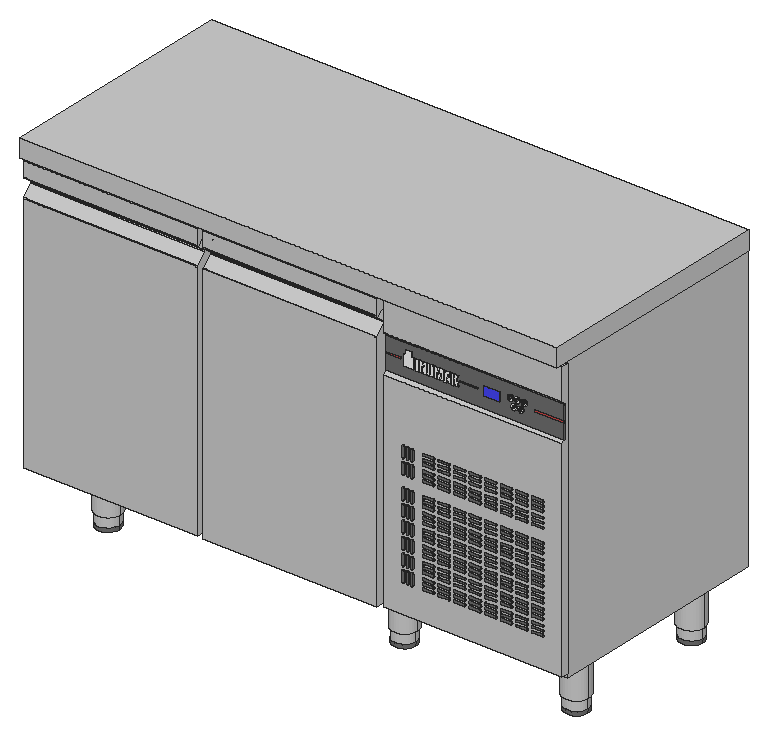
Revit family "QF_INOMAK_PMRP99_250528104133", category Specialty Equipment, Revit 2021 (continued)
Definition of nested family "QF_INOMAK_REF_COUNTERS_1345_2920"
  Definition of nested family "QF_INOMAK_CONRTOL-PANEL"
    Forms (mm)
      Extrusion 1, solid
        sketch origin (-2240, -700, 0) x (-1, 0, 0) y (0, 0, 1)
          loop
            line (-2152.4, 204.855) -> (-2128.4, 204.855)
            arc (-2128.4, 204.855) -> (-2125.4, 207.855) -> (-2128.4, 210.855) r 3
            line (-2128.4, 210.855) -> (-2152.4, 210.855)
          loop
            arc (-2113.4, 210.855) -> (-2116.4, 207.855) -> (-2113.4, 204.855) r 3
            line (-2113.4, 204.855) -> (-2089.4, 204.855)
            arc (-2089.4, 204.855) -> (-2086.4, 207.855) -> (-2089.4, 210.855) r 3
            line (-2089.4, 210.855) -> (-2113.4, 210.855)
          loop
            arc (-2074.4, 210.855) -> (-2077.4, 207.855) -> (-2074.4, 204.855) r 3
            line (-2074.4, 204.855) -> (-2050.4, 204.855)
            arc (-2050.4, 204.855) -> (-2047.4, 207.855) -> (-2050.4, 210.855) r 3
            line (-2050.4, 210.855) -> (-2074.4, 210.855)
          loop
            arc (-2035.4, 210.855) -> (-2038.4, 207.855) -> (-2035.4, 204.855) r 3
            line (-2035.4, 204.855) -> (-2011.4, 204.855)
            arc (-2011.4, 204.855) -> (-2008.4, 207.855) -> (-2011.4, 210.855) r 3
            line (-2011.4, 210.855) -> (-2035.4, 210.855)
          loop
            arc (-1996.4, 210.855) -> (-1999.4, 207.855) -> (-1996.4, 204.855) r 3
            line (-1996.4, 204.855) -> (-1972.4, 204.855)
            arc (-1972.4, 204.855) -> (-1969.4, 207.855) -> (-1972.4, 210.855) r 3
            line (-1972.4, 210.855) -> (-1996.4, 210.855)
          loop
            arc (-1957.4, 210.855) -> (-1960.4, 207.855) -> (-1957.4, 204.855) r 3
            line (-1957.4, 204.855) -> (-1933.4, 204.855)
            arc (-1933.4, 204.855) -> (-1930.4, 207.855) -> (-1933.4, 210.855) r 3
            line (-1933.4, 210.855) -> (-1957.4, 210.855)
          loop
            arc (-1918.4, 210.855) -> (-1921.4, 207.855) -> (-1918.4, 204.855) r 3
            line (-1918.4, 204.855) -> (-1894.4, 204.855)
            arc (-1894.4, 204.855) -> (-1891.4, 207.855) -> (-1894.4, 210.855) r 3
            line (-1894.4, 210.855) -> (-1918.4, 210.855)
          loop
            arc (-2191.4, 199.855) -> (-2194.4, 196.855) -> (-2191.4, 193.855) r 3
            line (-2191.4, 193.855) -> (-2167.4, 193.855)
            arc (-2167.4, 193.855) -> (-2164.4, 196.855) -> (-2167.4, 199.855) r 3
            line (-2167.4, 199.855) -> (-2191.4, 199.855)
          loop
            arc (-2152.4, 199.855) -> (-2155.4, 196.855) -> (-2152.4, 193.855) r 3
            line (-2152.4, 193.855) -> (-2128.4, 193.855)
            arc (-2128.4, 193.855) -> (-2125.4, 196.855) -> (-2128.4, 199.855) r 3
            line (-2128.4, 199.855) -> (-2152.4, 199.855)
          loop
            arc (-2113.4, 199.855) -> (-2116.4, 196.855) -> (-2113.4, 193.855) r 3
            line (-2113.4, 193.855) -> (-2089.4, 193.855)
            arc (-2089.4, 193.855) -> (-2086.4, 196.855) -> (-2089.4, 199.855) r 3
            line (-2089.4, 199.855) -> (-2113.4, 199.855)
          loop
            arc (-2074.4, 199.855) -> (-2077.4, 196.855) -> (-2074.4, 193.855) r 3
            line (-2074.4, 193.855) -> (-2050.4, 193.855)
            arc (-2050.4, 193.855) -> (-2047.4, 196.855) -> (-2050.4, 199.855) r 3
            line (-2050.4, 199.855) -> (-2074.4, 199.855)
          loop
            arc (-2035.4, 199.855) -> (-2038.4, 196.855) -> (-2035.4, 193.855) r 3
            line (-2035.4, 193.855) -> (-2011.4, 193.855)
            arc (-2011.4, 193.855) -> (-2008.4, 196.855) -> (-2011.4, 199.855) r 3
            line (-2011.4, 199.855) -> (-2035.4, 199.855)
          loop
            arc (-1996.4, 199.855) -> (-1999.4, 196.855) -> (-1996.4, 193.855) r 3
            line (-1996.4, 193.855) -> (-1972.4, 193.855)
            arc (-1972.4, 193.855) -> (-1969.4, 196.855) -> (-1972.4, 199.855) r 3
            line (-1972.4, 199.855) -> (-1996.4, 199.855)
          loop
            arc (-1957.4, 199.855) -> (-1960.4, 196.855) -> (-1957.4, 193.855) r 3
            line (-1957.4, 193.855) -> (-1933.4, 193.855)
            arc (-1933.4, 193.855) -> (-1930.4, 196.855) -> (-1933.4, 199.855) r 3
            line (-1933.4, 199.855) -> (-1957.4, 199.855)
          loop
            arc (-1918.4, 199.855) -> (-1921.4, 196.855) -> (-1918.4, 193.855) r 3
            line (-1918.4, 193.855) -> (-1894.4, 193.855)
            arc (-1894.4, 193.855) -> (-1891.4, 196.855) -> (-1894.4, 199.855) r 3
            line (-1894.4, 199.855) -> (-1918.4, 199.855)
          loop
            arc (-2191.4, 184.855) -> (-2194.4, 181.855) -> (-2191.4, 178.855) r 3
            line (-2191.4, 178.855) -> (-2167.4, 178.855)
            arc (-2167.4, 178.855) -> (-2164.4, 181.855) -> (-2167.4, 184.855) r 3
            line (-2167.4, 184.855) -> (-2191.4, 184.855)
          loop
            arc (-2152.4, 184.855) -> (-2155.4, 181.855) -> (-2152.4, 178.855) r 3
            line (-2152.4, 178.855) -> (-2128.4, 178.855)
            arc (-2128.4, 178.855) -> (-2125.4, 181.855) -> (-2128.4, 184.855) r 3
            line (-2128.4, 184.855) -> (-2152.4, 184.855)
          loop
            arc (-2113.4, 184.855) -> (-2116.4, 181.855) -> (-2113.4, 178.855) r 3
            line (-2113.4, 178.855) -> (-2089.4, 178.855)
            arc (-2089.4, 178.855) -> (-2086.4, 181.855) -> (-2089.4, 184.855) r 3
            line (-2089.4, 184.855) -> (-2113.4, 184.855)
          loop
            arc (-2074.4, 184.855) -> (-2077.4, 181.855) -> (-2074.4, 178.855) r 3
            line (-2074.4, 178.855) -> (-2050.4, 178.855)
            arc (-2050.4, 178.855) -> (-2047.4, 181.855) -> (-2050.4, 184.855) r 3
            line (-2050.4, 184.855) -> (-2074.4, 184.855)
          loop
            arc (-2035.4, 184.855) -> (-2038.4, 181.855) -> (-2035.4, 178.855) r 3
            line (-2035.4, 178.855) -> (-2011.4, 178.855)
            arc (-2011.4, 178.855) -> (-2008.4, 181.855) -> (-2011.4, 184.855) r 3
            line (-2011.4, 184.855) -> (-2035.4, 184.855)
          loop
            arc (-1996.4, 184.855) -> (-1999.4, 181.855) -> (-1996.4, 178.855) r 3
            line (-1996.4, 178.855) -> (-1972.4, 178.855)
            arc (-1972.4, 178.855) -> (-1969.4, 181.855) -> (-1972.4, 184.855) r 3
            line (-1972.4, 184.855) -> (-1996.4, 184.855)
          loop
            arc (-1957.4, 184.855) -> (-1960.4, 181.855) -> (-1957.4, 178.855) r 3
            line (-1957.4, 178.855) -> (-1933.4, 178.855)
            arc (-1933.4, 178.855) -> (-1930.4, 181.855) -> (-1933.4, 184.855) r 3
            line (-1933.4, 184.855) -> (-1957.4, 184.855)
          loop
            arc (-1918.4, 184.855) -> (-1921.4, 181.855) -> (-1918.4, 178.855) r 3
            line (-1918.4, 178.855) -> (-1894.4, 178.855)
            arc (-1894.4, 178.855) -> (-1891.4, 181.855) -> (-1894.4, 184.855) r 3
            line (-1894.4, 184.855) -> (-1918.4, 184.855)
          loop
            arc (-2191.4, 173.855) -> (-2194.4, 170.855) -> (-2191.4, 167.855) r 3
            line (-2191.4, 167.855) -> (-2167.4, 167.855)
            arc (-2167.4, 167.855) -> (-2164.4, 170.855) -> (-2167.4, 173.855) r 3
            line (-2167.4, 173.855) -> (-2191.4, 173.855)
          loop
            arc (-2152.4, 173.855) -> (-2155.4, 170.855) -> (-2152.4, 167.855) r 3
            line (-2152.4, 167.855) -> (-2128.4, 167.855)
            arc (-2128.4, 167.855) -> (-2125.4, 170.855) -> (-2128.4, 173.855) r 3
            line (-2128.4, 173.855) -> (-2152.4, 173.855)
          loop
            arc (-2113.4, 173.855) -> (-2116.4, 170.855) -> (-2113.4, 167.855) r 3
            line (-2113.4, 167.855) -> (-2089.4, 167.855)
            arc (-2089.4, 167.855) -> (-2086.4, 170.855) -> (-2089.4, 173.855) r 3
            line (-2089.4, 173.855) -> (-2113.4, 173.855)
          loop
            arc (-2074.4, 173.855) -> (-2077.4, 170.855) -> (-2074.4, 167.855) r 3
            line (-2074.4, 167.855) -> (-2050.4, 167.855)
            arc (-2050.4, 167.855) -> (-2047.4, 170.855) -> (-2050.4, 173.855) r 3
            line (-2050.4, 173.855) -> (-2074.4, 173.855)
          loop
            arc (-2035.4, 173.855) -> (-2038.4, 170.855) -> (-2035.4, 167.855) r 3
            line (-2035.4, 167.855) -> (-2011.4, 167.855)
            arc (-2011.4, 167.855) -> (-2008.4, 170.855) -> (-2011.4, 173.855) r 3
            line (-2011.4, 173.855) -> (-2035.4, 173.855)
          loop
            arc (-1996.4, 173.855) -> (-1999.4, 170.855) -> (-1996.4, 167.855) r 3
            line (-1996.4, 167.855) -> (-1972.4, 167.855)
            arc (-1972.4, 167.855) -> (-1969.4, 170.855) -> (-1972.4, 173.855) r 3
            line (-1972.4, 173.855) -> (-1996.4, 173.855)
          loop
            arc (-1957.4, 173.855) -> (-1960.4, 170.855) -> (-1957.4, 167.855) r 3
            line (-1957.4, 167.855) -> (-1933.4, 167.855)
            arc (-1933.4, 167.855) -> (-1930.4, 170.855) -> (-1933.4, 173.855) r 3
            line (-1933.4, 173.855) -> (-1957.4, 173.855)
          loop
            arc (-1918.4, 173.855) -> (-1921.4, 170.855) -> (-1918.4, 167.855) r 3
            line (-1918.4, 167.855) -> (-1894.4, 167.855)
            arc (-1894.4, 167.855) -> (-1891.4, 170.855) -> (-1894.4, 173.855) r 3
            line (-1894.4, 173.855) -> (-1918.4, 173.855)
          loop
            arc (-2191.4, 162.855) -> (-2194.4, 159.855) -> (-2191.4, 156.855) r 3
            line (-2191.4, 156.855) -> (-2167.4, 156.855)
            arc (-2167.4, 156.855) -> (-2164.4, 159.855) -> (-2167.4, 162.855) r 3
            line (-2167.4, 162.855) -> (-2191.4, 162.855)
          loop
            arc (-2152.4, 162.855) -> (-2155.4, 159.855) -> (-2152.4, 156.855) r 3
            line (-2152.4, 156.855) -> (-2128.4, 156.855)
            arc (-2128.4, 156.855) -> (-2125.4, 159.855) -> (-2128.4, 162.855) r 3
            line (-2128.4, 162.855) -> (-2152.4, 162.855)
          loop
            arc (-2113.4, 162.855) -> (-2116.4, 159.855) -> (-2113.4, 156.855) r 3
            line (-2113.4, 156.855) -> (-2089.4, 156.855)
            arc (-2089.4, 156.855) -> (-2086.4, 159.855) -> (-2089.4, 162.855) r 3
            line (-2089.4, 162.855) -> (-2113.4, 162.855)
          loop
            arc (-2074.4, 162.855) -> (-2077.4, 159.855) -> (-2074.4, 156.855) r 3
            line (-2074.4, 156.855) -> (-2050.4, 156.855)
            arc (-2050.4, 156.855) -> (-2047.4, 159.855) -> (-2050.4, 162.855) r 3
            line (-2050.4, 162.855) -> (-2074.4, 162.855)
          loop
            arc (-2035.4, 162.855) -> (-2038.4, 159.855) -> (-2035.4, 156.855) r 3
            line (-2035.4, 156.855) -> (-2011.4, 156.855)
            arc (-2011.4, 156.855) -> (-2008.4, 159.855) -> (-2011.4, 162.855) r 3
            line (-2011.4, 162.855) -> (-2035.4, 162.855)
          loop
            arc (-1996.4, 162.855) -> (-1999.4, 159.855) -> (-1996.4, 156.855) r 3
            line (-1996.4, 156.855) -> (-1972.4, 156.855)
            arc (-1972.4, 156.855) -> (-1969.4, 159.855) -> (-1972.4, 162.855) r 3
            line (-1972.4, 162.855) -> (-1996.4, 162.855)
          loop
            arc (-1957.4, 162.855) -> (-1960.4, 159.855) -> (-1957.4, 156.855) r 3
            line (-1957.4, 156.855) -> (-1933.4, 156.855)
            arc (-1933.4, 156.855) -> (-1930.4, 159.855) -> (-1933.4, 162.855) r 3
            line (-1933.4, 162.855) -> (-1957.4, 162.855)
          loop
            arc (-1918.4, 162.855) -> (-1921.4, 159.855) -> (-1918.4, 156.855) r 3
            line (-1918.4, 156.855) -> (-1894.4, 156.855)
            arc (-1894.4, 156.855) -> (-1891.4, 159.855) -> (-1894.4, 162.855) r 3
            line (-1894.4, 162.855) -> (-1918.4, 162.855)
          loop
            arc (-2191.4, 147.855) -> (-2194.4, 144.855) -> (-2191.4, 141.855) r 3
            line (-2191.4, 141.855) -> (-2167.4, 141.855)
            arc (-2167.4, 141.855) -> (-2164.4, 144.855) -> (-2167.4, 147.855) r 3
            line (-2167.4, 147.855) -> (-2191.4, 147.855)
          loop
            arc (-2152.4, 147.855) -> (-2155.4, 144.855) -> (-2152.4, 141.855) r 3
            line (-2152.4, 141.855) -> (-2128.4, 141.855)
            arc (-2128.4, 141.855) -> (-2125.4, 144.855) -> (-2128.4, 147.855) r 3
            line (-2128.4, 147.855) -> (-2152.4, 147.855)
          loop
            arc (-2113.4, 147.855) -> (-2116.4, 144.855) -> (-2113.4, 141.855) r 3
            line (-2113.4, 141.855) -> (-2089.4, 141.855)
            arc (-2089.4, 141.855) -> (-2086.4, 144.855) -> (-2089.4, 147.855) r 3
            line (-2089.4, 147.855) -> (-2113.4, 147.855)
          loop
            arc (-2074.4, 147.855) -> (-2077.4, 144.855) -> (-2074.4, 141.855) r 3
            line (-2074.4, 141.855) -> (-2050.4, 141.855)
            arc (-2050.4, 141.855) -> (-2047.4, 144.855) -> (-2050.4, 147.855) r 3
            line (-2050.4, 147.855) -> (-2074.4, 147.855)
          loop
            arc (-2035.4, 147.855) -> (-2038.4, 144.855) -> (-2035.4, 141.855) r 3
            line (-2035.4, 141.855) -> (-2011.4, 141.855)
            arc (-2011.4, 141.855) -> (-2008.4, 144.855) -> (-2011.4, 147.855) r 3
            line (-2011.4, 147.855) -> (-2035.4, 147.855)
          loop
            arc (-1996.4, 147.855) -> (-1999.4, 144.855) -> (-1996.4, 141.855) r 3
            line (-1996.4, 141.855) -> (-1972.4, 141.855)
            arc (-1972.4, 141.855) -> (-1969.4, 144.855) -> (-1972.4, 147.855) r 3
            line (-1972.4, 147.855) -> (-1996.4, 147.855)
          loop
            arc (-1957.4, 147.855) -> (-1960.4, 144.855) -> (-1957.4, 141.855) r 3
            line (-1957.4, 141.855) -> (-1933.4, 141.855)
            arc (-1933.4, 141.855) -> (-1930.4, 144.855) -> (-1933.4, 147.855) r 3
            line (-1933.4, 147.855) -> (-1957.4, 147.855)
          loop
            arc (-1918.4, 147.855) -> (-1921.4, 144.855) -> (-1918.4, 141.855) r 3
            line (-1918.4, 141.855) -> (-1894.4, 141.855)
            arc (-1894.4, 141.855) -> (-1891.4, 144.855) -> (-1894.4, 147.855) r 3
            line (-1894.4, 147.855) -> (-1918.4, 147.855)
          loop
            arc (-2191.4, 136.855) -> (-2194.4, 133.855) -> (-2191.4, 130.855) r 3
            line (-2191.4, 130.855) -> (-2167.4, 130.855)
            arc (-2167.4, 130.855) -> (-2164.4, 133.855) -> (-2167.4, 136.855) r 3
            line (-2167.4, 136.855) -> (-2191.4, 136.855)
          loop
            arc (-2152.4, 136.855) -> (-2155.4, 133.855) -> (-2152.4, 130.855) r 3
            line (-2152.4, 130.855) -> (-2128.4, 130.855)
            arc (-2128.4, 130.855) -> (-2125.4, 133.855) -> (-2128.4, 136.855) r 3
            line (-2128.4, 136.855) -> (-2152.4, 136.855)
          loop
            arc (-2113.4, 136.855) -> (-2116.4, 133.855) -> (-2113.4, 130.855) r 3
            line (-2113.4, 130.855) -> (-2089.4, 130.855)
            arc (-2089.4, 130.855) -> (-2086.4, 133.855) -> (-2089.4, 136.855) r 3
            line (-2089.4, 136.855) -> (-2113.4, 136.855)
          loop
            arc (-2074.4, 136.855) -> (-2077.4, 133.855) -> (-2074.4, 130.855) r 3
            line (-2074.4, 130.855) -> (-2050.4, 130.855)
            arc (-2050.4, 130.855) -> (-2047.4, 133.855) -> (-2050.4, 136.855) r 3
            line (-2050.4, 136.855) -> (-2074.4, 136.855)
          loop
            arc (-2035.4, 136.855) -> (-2038.4, 133.855) -> (-2035.4, 130.855) r 3
            line (-2035.4, 130.855) -> (-2011.4, 130.855)
            arc (-2011.4, 130.855) -> (-2008.4, 133.855) -> (-2011.4, 136.855) r 3
            line (-2011.4, 136.855) -> (-2035.4, 136.855)
          loop
            arc (-1996.4, 136.855) -> (-1999.4, 133.855) -> (-1996.4, 130.855) r 3
            line (-1996.4, 130.855) -> (-1972.4, 130.855)
            arc (-1972.4, 130.855) -> (-1969.4, 133.855) -> (-1972.4, 136.855) r 3
            line (-1972.4, 136.855) -> (-1996.4, 136.855)
          loop
            arc (-1957.4, 136.855) -> (-1960.4, 133.855) -> (-1957.4, 130.855) r 3
            line (-1957.4, 130.855) -> (-1933.4, 130.855)
            arc (-1933.4, 130.855) -> (-1930.4, 133.855) -> (-1933.4, 136.855) r 3
            line (-1933.4, 136.855) -> (-1957.4, 136.855)
          loop
            arc (-1918.4, 136.855) -> (-1921.4, 133.855) -> (-1918.4, 130.855) r 3
            line (-1918.4, 130.855) -> (-1894.4, 130.855)
            arc (-1894.4, 130.855) -> (-1891.4, 133.855) -> (-1894.4, 136.855) r 3
            line (-1894.4, 136.855) -> (-1918.4, 136.855)
          loop
            arc (-2191.4, 125.855) -> (-2194.4, 122.855) -> (-2191.4, 119.855) r 3
            line (-2191.4, 119.855) -> (-2167.4, 119.855)
            arc (-2167.4, 119.855) -> (-2164.4, 122.855) -> (-2167.4, 125.855) r 3
            line (-2167.4, 125.855) -> (-2191.4, 125.855)
          loop
            arc (-2152.4, 125.855) -> (-2155.4, 122.855) -> (-2152.4, 119.855) r 3
            line (-2152.4, 119.855) -> (-2128.4, 119.855)
            arc (-2128.4, 119.855) -> (-2125.4, 122.855) -> (-2128.4, 125.855) r 3
            line (-2128.4, 125.855) -> (-2152.4, 125.855)
          loop
            arc (-2113.4, 125.855) -> (-2116.4, 122.855) -> (-2113.4, 119.855) r 3
            line (-2113.4, 119.855) -> (-2089.4, 119.855)
            arc (-2089.4, 119.855) -> (-2086.4, 122.855) -> (-2089.4, 125.855) r 3
            line (-2089.4, 125.855) -> (-2113.4, 125.855)
          loop
            arc (-2074.4, 125.855) -> (-2077.4, 122.855) -> (-2074.4, 119.855) r 3
            line (-2074.4, 119.855) -> (-2050.4, 119.855)
            arc (-2050.4, 119.855) -> (-2047.4, 122.855) -> (-2050.4, 125.855) r 3
            line (-2050.4, 125.855) -> (-2074.4, 125.855)
          loop
            arc (-2035.4, 125.855) -> (-2038.4, 122.855) -> (-2035.4, 119.855) r 3
            line (-2035.4, 119.855) -> (-2011.4, 119.855)
            arc (-2011.4, 119.855) -> (-2008.4, 122.855) -> (-2011.4, 125.855) r 3
            line (-2011.4, 125.855) -> (-2035.4, 125.855)
          loop
            arc (-1996.4, 125.855) -> (-1999.4, 122.855) -> (-1996.4, 119.855) r 3
            line (-1996.4, 119.855) -> (-1972.4, 119.855)
            arc (-1972.4, 119.855) -> (-1969.4, 122.855) -> (-1972.4, 125.855) r 3
            line (-1972.4, 125.855) -> (-1996.4, 125.855)
          loop
            arc (-1957.4, 125.855) -> (-1960.4, 122.855) -> (-1957.4, 119.855) r 3
            line (-1957.4, 119.855) -> (-1933.4, 119.855)
            arc (-1933.4, 119.855) -> (-1930.4, 122.855) -> (-1933.4, 125.855) r 3
            line (-1933.4, 125.855) -> (-1957.4, 125.855)
          loop
            arc (-1918.4, 125.855) -> (-1921.4, 122.855) -> (-1918.4, 119.855) r 3
            line (-1918.4, 119.855) -> (-1894.4, 119.855)
            arc (-1894.4, 119.855) -> (-1891.4, 122.855) -> (-1894.4, 125.855) r 3
            line (-1894.4, 125.855) -> (-1918.4, 125.855)
          loop
            arc (-2191.4, 110.855) -> (-2194.4, 107.855) -> (-2191.4, 104.855) r 3
            line (-2191.4, 104.855) -> (-2167.4, 104.855)
            arc (-2167.4, 104.855) -> (-2164.4, 107.855) -> (-2167.4, 110.855) r 3
            line (-2167.4, 110.855) -> (-2191.4, 110.855)
          loop
            arc (-2152.4, 110.855) -> (-2155.4, 107.855) -> (-2152.4, 104.855) r 3
            line (-2152.4, 104.855) -> (-2128.4, 104.855)
            arc (-2128.4, 104.855) -> (-2125.4, 107.855) -> (-2128.4, 110.855) r 3
            line (-2128.4, 110.855) -> (-2152.4, 110.855)
          loop
            arc (-2113.4, 110.855) -> (-2116.4, 107.855) -> (-2113.4, 104.855) r 3
            line (-2113.4, 104.855) -> (-2089.4, 104.855)
            arc (-2089.4, 104.855) -> (-2086.4, 107.855) -> (-2089.4, 110.855) r 3
            line (-2089.4, 110.855) -> (-2113.4, 110.855)
          loop
            arc (-2074.4, 110.855) -> (-2077.4, 107.855) -> (-2074.4, 104.855) r 3
            line (-2074.4, 104.855) -> (-2050.4, 104.855)
            arc (-2050.4, 104.855) -> (-2047.4, 107.855) -> (-2050.4, 110.855) r 3
            line (-2050.4, 110.855) -> (-2074.4, 110.855)
          loop
            arc (-2035.4, 110.855) -> (-2038.4, 107.855) -> (-2035.4, 104.855) r 3
            line (-2035.4, 104.855) -> (-2011.4, 104.855)
            arc (-2011.4, 104.855) -> (-2008.4, 107.855) -> (-2011.4, 110.855) r 3
            line (-2011.4, 110.855) -> (-2035.4, 110.855)
          loop
            arc (-1996.4, 110.855) -> (-1999.4, 107.855) -> (-1996.4, 104.855) r 3
            line (-1996.4, 104.855) -> (-1972.4, 104.855)
            arc (-1972.4, 104.855) -> (-1969.4, 107.855) -> (-1972.4, 110.855) r 3
            line (-1972.4, 110.855) -> (-1996.4, 110.855)
          loop
            arc (-1957.4, 110.855) -> (-1960.4, 107.855) -> (-1957.4, 104.855) r 3
            line (-1957.4, 104.855) -> (-1933.4, 104.855)
            arc (-1933.4, 104.855) -> (-1930.4, 107.855) -> (-1933.4, 110.855) r 3
            line (-1933.4, 110.855) -> (-1957.4, 110.855)
          loop
            arc (-1918.4, 110.855) -> (-1921.4, 107.855) -> (-1918.4, 104.855) r 3
            line (-1918.4, 104.855) -> (-1894.4, 104.855)
            arc (-1894.4, 104.855) -> (-1891.4, 107.855) -> (-1894.4, 110.855) r 3
            line (-1894.4, 110.855) -> (-1918.4, 110.855)
          loop
            arc (-2191.4, 99.855) -> (-2194.4, 96.855) -> (-2191.4, 93.855) r 3
            line (-2191.4, 93.855) -> (-2167.4, 93.855)
            arc (-2167.4, 93.855) -> (-2164.4, 96.855) -> (-2167.4, 99.855) r 3
            line (-2167.4, 99.855) -> (-2191.4, 99.855)
          loop
            arc (-2152.4, 99.855) -> (-2155.4, 96.855) -> (-2152.4, 93.855) r 3
            line (-2152.4, 93.855) -> (-2128.4, 93.855)
            arc (-2128.4, 93.855) -> (-2125.4, 96.855) -> (-2128.4, 99.855) r 3
            line (-2128.4, 99.855) -> (-2152.4, 99.855)
          loop
            arc (-2113.4, 99.855) -> (-2116.4, 96.855) -> (-2113.4, 93.855) r 3
            line (-2113.4, 93.855) -> (-2089.4, 93.855)
            arc (-2089.4, 93.855) -> (-2086.4, 96.855) -> (-2089.4, 99.855) r 3
            line (-2089.4, 99.855) -> (-2113.4, 99.855)
          loop
            arc (-2074.4, 99.855) -> (-2077.4, 96.855) -> (-2074.4, 93.855) r 3
            line (-2074.4, 93.855) -> (-2050.4, 93.855)
            arc (-2050.4, 93.855) -> (-2047.4, 96.855) -> (-2050.4, 99.855) r 3
            line (-2050.4, 99.855) -> (-2074.4, 99.855)
          loop
            arc (-2035.4, 99.855) -> (-2038.4, 96.855) -> (-2035.4, 93.855) r 3
            line (-2035.4, 93.855) -> (-2011.4, 93.855)
            arc (-2011.4, 93.855) -> (-2008.4, 96.855) -> (-2011.4, 99.855) r 3
            line (-2011.4, 99.855) -> (-2035.4, 99.855)
          loop
            arc (-1996.4, 99.855) -> (-1999.4, 96.855) -> (-1996.4, 93.855) r 3
            line (-1996.4, 93.855) -> (-1972.4, 93.855)
            arc (-1972.4, 93.855) -> (-1969.4, 96.855) -> (-1972.4, 99.855) r 3
            line (-1972.4, 99.855) -> (-1996.4, 99.855)
          loop
            arc (-1957.4, 99.855) -> (-1960.4, 96.855) -> (-1957.4, 93.855) r 3
            line (-1957.4, 93.855) -> (-1933.4, 93.855)
            arc (-1933.4, 93.855) -> (-1930.4, 96.855) -> (-1933.4, 99.855) r 3
            line (-1933.4, 99.855) -> (-1957.4, 99.855)
          loop
            arc (-1918.4, 99.855) -> (-1921.4, 96.855) -> (-1918.4, 93.855) r 3
            line (-1918.4, 93.855) -> (-1894.4, 93.855)
            arc (-1894.4, 93.855) -> (-1891.4, 96.855) -> (-1894.4, 99.855) r 3
            line (-1894.4, 99.855) -> (-1918.4, 99.855)
          loop
            arc (-2191.4, 88.855) -> (-2194.4, 85.855) -> (-2191.4, 82.855) r 3
            line (-2191.4, 82.855) -> (-2167.4, 82.855)
            arc (-2167.4, 82.855) -> (-2164.4, 85.855) -> (-2167.4, 88.855) r 3
            line (-2167.4, 88.855) -> (-2191.4, 88.855)
          loop
            arc (-2152.4, 88.855) -> (-2155.4, 85.855) -> (-2152.4, 82.855) r 3
            line (-2152.4, 82.855) -> (-2128.4, 82.855)
            arc (-2128.4, 82.855) -> (-2125.4, 85.855) -> (-2128.4, 88.855) r 3
            line (-2128.4, 88.855) -> (-2152.4, 88.855)
          loop
            arc (-2113.4, 88.855) -> (-2116.4, 85.855) -> (-2113.4, 82.855) r 3
            line (-2113.4, 82.855) -> (-2089.4, 82.855)
            arc (-2089.4, 82.855) -> (-2086.4, 85.855) -> (-2089.4, 88.855) r 3
            line (-2089.4, 88.855) -> (-2113.4, 88.855)
          loop
            arc (-2074.4, 88.855) -> (-2077.4, 85.855) -> (-2074.4, 82.855) r 3
            line (-2074.4, 82.855) -> (-2050.4, 82.855)
            arc (-2050.4, 82.855) -> (-2047.4, 85.855) -> (-2050.4, 88.855) r 3
            line (-2050.4, 88.855) -> (-2074.4, 88.855)
          loop
            arc (-2035.4, 88.855) -> (-2038.4, 85.855) -> (-2035.4, 82.855) r 3
            line (-2035.4, 82.855) -> (-2011.4, 82.855)
            arc (-2011.4, 82.855) -> (-2008.4, 85.855) -> (-2011.4, 88.855) r 3
            line (-2011.4, 88.855) -> (-2035.4, 88.855)
          loop
            arc (-1996.4, 88.855) -> (-1999.4, 85.855) -> (-1996.4, 82.855) r 3
            line (-1996.4, 82.855) -> (-1972.4, 82.855)
            arc (-1972.4, 82.855) -> (-1969.4, 85.855) -> (-1972.4, 88.855) r 3
            line (-1972.4, 88.855) -> (-1996.4, 88.855)
          loop
            arc (-1957.4, 88.855) -> (-1960.4, 85.855) -> (-1957.4, 82.855) r 3
            line (-1957.4, 82.855) -> (-1933.4, 82.855)
            arc (-1933.4, 82.855) -> (-1930.4, 85.855) -> (-1933.4, 88.855) r 3
            line (-1933.4, 88.855) -> (-1957.4, 88.855)
          loop
            arc (-1918.4, 88.855) -> (-1921.4, 85.855) -> (-1918.4, 82.855) r 3
            line (-1918.4, 82.855) -> (-1894.4, 82.855)
            arc (-1894.4, 82.855) -> (-1891.4, 85.855) -> (-1894.4, 88.855) r 3
            line (-1894.4, 88.855) -> (-1918.4, 88.855)
          loop
            arc (-1840.4, 387.855) -> (-1843.4, 390.855) -> (-1846.4, 387.855) r 3
            line (-1846.4, 387.855) -> (-1846.4, 363.855)
            arc (-1846.4, 363.855) -> (-1843.4, 360.855) -> (-1840.4, 363.855) r 3
            line (-1840.4, 363.855) -> (-1840.4, 387.855)
          loop
            arc (-1851.4, 387.855) -> (-1854.4, 390.855) -> (-1857.4, 387.855) r 3
            line (-1857.4, 387.855) -> (-1857.4, 363.855)
            arc (-1857.4, 363.855) -> (-1854.4, 360.855) -> (-1851.4, 363.855) r 3
            line (-1851.4, 363.855) -> (-1851.4, 387.855)
          loop
            arc (-1862.4, 387.855) -> (-1865.4, 390.855) -> (-1868.4, 387.855) r 3
            line (-1868.4, 387.855) -> (-1868.4, 363.855)
            arc (-1868.4, 363.855) -> (-1865.4, 360.855) -> (-1862.4, 363.855) r 3
            line (-1862.4, 363.855) -> (-1862.4, 387.855)
          loop
            arc (-1840.4, 350.855) -> (-1843.4, 353.855) -> (-1846.4, 350.855) r 3
            line (-1846.4, 350.855) -> (-1846.4, 326.855)
            arc (-1846.4, 326.855) -> (-1843.4, 323.855) -> (-1840.4, 326.855) r 3
            line (-1840.4, 326.855) -> (-1840.4, 350.855)
          loop
            arc (-1851.4, 350.855) -> (-1854.4, 353.855) -> (-1857.4, 350.855) r 3
            line (-1857.4, 350.855) -> (-1857.4, 326.855)
            arc (-1857.4, 326.855) -> (-1854.4, 323.855) -> (-1851.4, 326.855) r 3
            line (-1851.4, 326.855) -> (-1851.4, 350.855)
          loop
            arc (-1862.4, 350.855) -> (-1865.4, 353.855) -> (-1868.4, 350.855) r 3
            line (-1868.4, 350.855) -> (-1868.4, 326.855)
            arc (-1868.4, 326.855) -> (-1865.4, 323.855) -> (-1862.4, 326.855) r 3
            line (-1862.4, 326.855) -> (-1862.4, 350.855)
          loop
            arc (-1840.4, 293.855) -> (-1843.4, 296.855) -> (-1846.4, 293.855) r 3
            line (-1846.4, 293.855) -> (-1846.4, 269.855)
            arc (-1846.4, 269.855) -> (-1843.4, 266.855) -> (-1840.4, 269.855) r 3
            line (-1840.4, 269.855) -> (-1840.4, 293.855)
          loop
            arc (-1851.4, 293.855) -> (-1854.4, 296.855) -> (-1857.4, 293.855) r 3
            line (-1857.4, 293.855) -> (-1857.4, 269.855)
            arc (-1857.4, 269.855) -> (-1854.4, 266.855) -> (-1851.4, 269.855) r 3
            line (-1851.4, 269.855) -> (-1851.4, 293.855)
          loop
            arc (-1862.4, 293.855) -> (-1865.4, 296.855) -> (-1868.4, 293.855) r 3
            line (-1868.4, 293.855) -> (-1868.4, 269.855)
            arc (-1868.4, 269.855) -> (-1865.4, 266.855) -> (-1862.4, 269.855) r 3
            line (-1862.4, 269.855) -> (-1862.4, 293.855)
          loop
            arc (-1840.4, 256.855) -> (-1843.4, 259.855) -> (-1846.4, 256.855) r 3
            line (-1846.4, 256.855) -> (-1846.4, 232.855)
            arc (-1846.4, 232.855) -> (-1843.4, 229.855) -> (-1840.4, 232.855) r 3
            line (-1840.4, 232.855) -> (-1840.4, 256.855)
          loop
            arc (-1851.4, 256.855) -> (-1854.4, 259.855) -> (-1857.4, 256.855) r 3
            line (-1857.4, 256.855) -> (-1857.4, 232.855)
            arc (-1857.4, 232.855) -> (-1854.4, 229.855) -> (-1851.4, 232.855) r 3
            line (-1851.4, 232.855) -> (-1851.4, 256.855)
          loop
            arc (-1862.4, 256.855) -> (-1865.4, 259.855) -> (-1868.4, 256.855) r 3
            line (-1868.4, 256.855) -> (-1868.4, 232.855)
            arc (-1868.4, 232.855) -> (-1865.4, 229.855) -> (-1862.4, 232.855) r 3
            line (-1862.4, 232.855) -> (-1862.4, 256.855)
          loop
            arc (-1840.4, 219.855) -> (-1843.4, 222.855) -> (-1846.4, 219.855) r 3
            line (-1846.4, 219.855) -> (-1846.4, 195.855)
            arc (-1846.4, 195.855) -> (-1843.4, 192.855) -> (-1840.4, 195.855) r 3
            line (-1840.4, 195.855) -> (-1840.4, 219.855)
          loop
            arc (-1851.4, 219.855) -> (-1854.4, 222.855) -> (-1857.4, 219.855) r 3
            line (-1857.4, 219.855) -> (-1857.4, 195.855)
            arc (-1857.4, 195.855) -> (-1854.4, 192.855) -> (-1851.4, 195.855) r 3
            line (-1851.4, 195.855) -> (-1851.4, 219.855)
          loop
            arc (-1862.4, 219.855) -> (-1865.4, 222.855) -> (-1868.4, 219.855) r 3
            line (-1868.4, 219.855) -> (-1868.4, 195.855)
            arc (-1868.4, 195.855) -> (-1865.4, 192.855) -> (-1862.4, 195.855) r 3
            line (-1862.4, 195.855) -> (-1862.4, 219.855)
          loop
            arc (-1840.4, 182.855) -> (-1843.4, 185.855) -> (-1846.4, 182.855) r 3
            line (-1846.4, 182.855) -> (-1846.4, 158.855)
            arc (-1846.4, 158.855) -> (-1843.4, 155.855) -> (-1840.4, 158.855) r 3
            line (-1840.4, 158.855) -> (-1840.4, 182.855)
          loop
            arc (-1851.4, 182.855) -> (-1854.4, 185.855) -> (-1857.4, 182.855) r 3
            line (-1857.4, 182.855) -> (-1857.4, 158.855)
            arc (-1857.4, 158.855) -> (-1854.4, 155.855) -> (-1851.4, 158.855) r 3
            line (-1851.4, 158.855) -> (-1851.4, 182.855)
          loop
            arc (-1862.4, 182.855) -> (-1865.4, 185.855) -> (-1868.4, 182.855) r 3
            line (-1868.4, 182.855) -> (-1868.4, 158.855)
            arc (-1868.4, 158.855) -> (-1865.4, 155.855) -> (-1862.4, 158.855) r 3
            line (-1862.4, 158.855) -> (-1862.4, 182.855)
          loop
            arc (-1840.4, 145.855) -> (-1843.4, 148.855) -> (-1846.4, 145.855) r 3
            line (-1846.4, 145.855) -> (-1846.4, 121.855)
            arc (-1846.4, 121.855) -> (-1843.4, 118.855) -> (-1840.4, 121.855) r 3
            line (-1840.4, 121.855) -> (-1840.4, 145.855)
          loop
            arc (-1851.4, 145.855) -> (-1854.4, 148.855) -> (-1857.4, 145.855) r 3
            line (-1857.4, 145.855) -> (-1857.4, 121.855)
            arc (-1857.4, 121.855) -> (-1854.4, 118.855) -> (-1851.4, 121.855) r 3
            line (-1851.4, 121.855) -> (-1851.4, 145.855)
          loop
            arc (-1862.4, 145.855) -> (-1865.4, 148.855) -> (-1868.4, 145.855) r 3
            line (-1868.4, 145.855) -> (-1868.4, 121.855)
            arc (-1868.4, 121.855) -> (-1865.4, 118.855) -> (-1862.4, 121.855) r 3
            line (-1862.4, 121.855) -> (-1862.4, 145.855)
          loop
            arc (-1840.4, 108.855) -> (-1843.4, 111.855) -> (-1846.4, 108.855) r 3
            line (-1846.4, 108.855) -> (-1846.4, 84.855)
            arc (-1846.4, 84.855) -> (-1843.4, 81.855) -> (-1840.4, 84.855) r 3
            line (-1840.4, 84.855) -> (-1840.4, 108.855)
          loop
            arc (-1851.4, 108.855) -> (-1854.4, 111.855) -> (-1857.4, 108.855) r 3
            line (-1857.4, 108.855) -> (-1857.4, 84.855)
            arc (-1857.4, 84.855) -> (-1854.4, 81.855) -> (-1851.4, 84.855) r 3
            line (-1851.4, 84.855) -> (-1851.4, 108.855)
          loop
            arc (-1862.4, 108.855) -> (-1865.4, 111.855) -> (-1868.4, 108.855) r 3
            line (-1868.4, 108.855) -> (-1868.4, 84.855)
            arc (-1868.4, 84.855) -> (-1865.4, 81.855) -> (-1862.4, 84.855) r 3
            line (-1862.4, 84.855) -> (-1862.4, 108.855)
        from 16.5 to 19
    Dimensions and locks
      "Length": plane 3 "Left" to plane 4 "Right"
      "Depth": plane 5 "Front" to plane 1 "Back"
      "Front offset": plane 7 "Front offset" to plane 5 "Front"
      "Height": plane 6 "Top" to plane 2
      aligned and locked: level to plane 2
    Automatic sketch dimensions
      plane 4 "Right" to Extrusion 1 sketch curve = 48.6 mm  (x3)
      Extrusion 1 sketch curve to Extrusion 1 sketch curve = 0 mm  (x322)
      Extrusion 1 sketch curve to Extrusion 1 sketch curve = 24 mm  (x53)
      Extrusion 1 sketch curve to Extrusion 1 sketch curve = 15 mm  (x52)
      Extrusion 1 sketch curve to Extrusion 1 sketch curve = 26 mm  (x7)
      Extrusion 1 sketch curve to Extrusion 1 sketch curve = 3 mm  (x216)
      Extrusion 1 sketch curve to Extrusion 1 sketch curve = 5 mm  (x144)
      level to Extrusion 1 sketch curve = 82.855 mm  (x2)
      Extrusion 1 sketch curve to Extrusion 1 sketch curve = 2 mm
      Extrusion 1 sketch curve to Extrusion 1 sketch curve = 9 mm  (x48)
      Extrusion 1 sketch curve to Extrusion 1 sketch curve = 13 mm  (x9)
      Extrusion 1 sketch curve to Extrusion 1 sketch curve = 29 mm  (x6)
      Extrusion 1 sketch curve to Extrusion 1 sketch curve = 33 mm
Definition of nested family "QF_INOMAK_REF_COUNTERS_DOORS_DRAWERS_7216"
  Parameters (values of type "DR-LX-710")
    Weight [instance] = 0.00 kg
    Warranty Start Date [instance] = ""
    Warranty Duration [instance] = ""
    URL Cutsheet [instance] = ""
    URL = "www.inomak.com"
    Top inset [instance] = 10 mm
    Technical Documentation [instance] = ""
    Tag Number [instance] = ""
    Status [instance] = ""
    Specification by User [instance] = ""
    Specification by Manufacturer [instance] = ""
    Sound Level [instance] = ""
    Solid Fuel Type [instance] = ""
    Show Logo [instance] = yes
    Show Clearances [instance] = yes
    Service Life Duration [instance] = ""
    Serial Number [instance] = ""
    Seismic Rating [instance] = ""
    SMACNA No [instance] = ""
    Right panel thickness [instance] = 0 mm
    Revision Code [instance] = ""
    Revision [instance] = ""
    Rear inset [instance] = 0 mm
    Production Year [instance] = ""
    Point Load [instance] = 0
    Plinth height [instance] = 0 mm
    Other Equipment Approvals [instance] = ""
    NAFEM Spec ID Number [instance] = ""
    Model Warning [instance] = ""
    Model = "DR-LX-710"
    Masterspec [instance] = ""
    Manufacturer = "INOMAK"
    Length Actual [instance] = 435 mm
    Left panel thickness [instance] = 0 mm
    Item Number [instance] = ""
    Installed By [instance] = ""
    Installation Date [instance] = ""
    Identify Quantity as Lot [instance] = yes
    ID [instance] = ""
    Hygiene Approval [instance] = ""
    Height Actual [instance] = 710 mm
    Furnished By [instance] = ""
    Front inset [instance] = 10 mm
    Foodservice Equipment Identifier [instance] = yes
    Finish [instance] = none
    ETL Approved [instance] = yes
    Doors drawers type [instance] = 8
    Description = "LEFT HINGED DOOR"
    Depth Actual [instance] = 700 mm
    Default Elevation = 0 mm
    CSI MasterFormat [instance] = ""
    CE Approved [instance] = yes
    Bottom inset [instance] = 10 mm
    Barcode [instance] = ""
    Author [instance] = ""
    Asset Identifier [instance] = ""
    Assembly Code = "E1090320"
    Accessory [instance] = yes
  Types (9, lengths in mm): name | Model | Height Actual | Doors drawers type | Description
    DW-2-710 | "DW-2-710" | 710 | 4 | "2 X GN 1/2 DRAWERS"
    DR-LX-710 | "DR-LX-710" | 710 | 8 | "LEFT HINGED DOOR"
    DR-RX-710 | "DR-RX-710" | 710 | 9 | "RIGHT HINGED DOOR"
    DW-3-710 | "DW-3-710" | 710 | 6 | "3 X GN 1/3 DRAWERS"
    DW-B-710 | "DW-B-710" | 710 | 5 | "1 X GN 1/3 & 1 X GN 2/3 DRAWERS"
    DW-2-483 | "DW-2-483" | 483 | 4 | "2 X GN 1/3 DRAWERS"
    DR-LX-483 | "DR-LX-483" | 483 | 8 | "LEFT HINGED DOOR"
    DR-RX-483 | "DR-RX-483" | 483 | 9 | "RIGHT HINGED DOOR"
    DW-1-483 | "DW-1-483" | 483 | 10 | "1 X GN 2/3 DRAWER"
  Reference planes
    plane 1 "Front": y = 0
    plane 2: z = 0
    plane 3 "Left": x = 0
    plane 4 "Right": x = 435
    plane 5 "Back": y = 700
    plane 6 "Top": z = 710
    plane 7 "Bottom shelf": z = 0
    plane 8: z = 700
    plane 9: z = 10
    plane 10: x = 0
    plane 11: x = 435
    plane 12 "Center Top Bottom": z = 355
  Lines and regions (mm)
    reference lines
      curve 1: line (0, 0, 355) -> (0, 25, 355)
      curve 2: line (435, 0, 355) -> (435, 25, 355)
      curve 3: line (0, 700, 355) -> (435, 700, 355)
      curve 4: line (0, 0, 355) -> (435, 0, 355)
  Dimensions and locks
    "Length Actual": plane 3 "Left" to plane 4 "Right"
    "Depth Actual": plane 1 "Front" to plane 5 "Back"
    "Height Actual": plane 6 "Top" to plane 7 "Bottom shelf"
    "Plinth height": plane 7 "Bottom shelf" to plane 2
    "Top inset": plane 6 "Top" to plane 8
    "Bottom inset": plane 9 to plane 7 "Bottom shelf"
    "Left panel thickness": plane 3 "Left" to plane 10
    "Right panel thickness": plane 11 to plane 4 "Right"
    equal spacing: plane 6 "Top", plane 12 "Center Top Bottom", plane 7 "Bottom shelf"
    "Length Actual": curve 1 to plane 4 "Right"
    "Length Actual": plane 3 "Left" to curve 2
    "Depth Actual": plane 1 "Front" to curve 3
    "Depth Actual": plane 5 "Back" to curve 4
    aligned and locked: level to plane 2
    aligned and locked: plane 3 "Left" to nested 1
    aligned and locked: plane 3 "Left" to nested 2
    aligned and locked: plane 3 "Left" to nested 3
    aligned and locked: plane 3 "Left" to nested 4
    aligned and locked: plane 3 "Left" to nested 5
    aligned and locked: plane 3 "Left" to nested 6
    aligned and locked: plane 3 "Left" to nested 7
    aligned and locked: plane 3 "Left" to nested 8
    aligned and locked: plane 3 "Left" to nested 9
    aligned and locked: nested 4 to plane 1 "Front"
    aligned and locked: nested 6 to plane 1 "Front"
    aligned and locked: nested 8 to plane 1 "Front"
    aligned and locked: nested 5 to plane 1 "Front"
    aligned and locked: nested 3 to plane 1 "Front"
    aligned and locked: nested 7 to plane 1 "Front"
    aligned and locked: nested 2 to plane 1 "Front"
    aligned and locked: nested 1 to plane 1 "Front"
    aligned and locked: nested 9 to plane 1 "Front"
  Automatic sketch dimensions
    curve 3 to plane 4 "Right" = 0 mm
    curve 3 to plane 3 "Left" = 0 mm
    curve 2 to curve 2 = 25 mm
    curve 1 to curve 1 = 25 mm
  Nested families
    nested 1: "Right_Door" at (0, 700, 0), Depth Actual <- "Depth Actual", Height Actual <- "Height Actual", Length Actual <- "Length Actual", Front inset <- "Front inset", Rear inset <- "Rear inset", Left panel thickness <- "Left panel thickness", Right panel thickness <- "Right panel thickness", Doors drawers type <- "Doors drawers type", Plinth height <- "Plinth height", Top inset <- "Top inset", Bottom inset <- "Bottom inset", type "Right door"
      with Top inset 10 mm, Right panel thickness 0 mm, Right hand hinged door no, Rear inset 0 mm, Plinth height 0 mm, Length Actual 435 mm, Left panel thickness 0 mm, Height Actual 710 mm, Front inset 10 mm, Doors drawers type 8, Depth Actual 700 mm, Bottom inset 10 mm
    nested 2: "Left_Door" at (0, 700, 0), Depth Actual <- "Depth Actual", Height Actual <- "Height Actual", Length Actual <- "Length Actual", Front inset <- "Front inset", Rear inset <- "Rear inset", Left panel thickness <- "Left panel thickness", Right panel thickness <- "Right panel thickness", Doors drawers type <- "Doors drawers type", Plinth height <- "Plinth height", Top inset <- "Top inset", Bottom inset <- "Bottom inset", type "Left door"
      with Top inset 10 mm, Right panel thickness 0 mm, Rear inset 0 mm, Plinth height 0 mm, Length Actual 435 mm, Left panel thickness 0 mm, Left hand hinged door yes, Height Actual 710 mm, Front inset 10 mm, Doors drawers type 8, Depth Actual 700 mm, Bottom inset 10 mm
    nested 3: "3_Drawers_1-3" at (0, 700, 0), Depth Actual <- "Depth Actual", Height Actual <- "Height Actual", Length Actual <- "Length Actual", Front inset <- "Front inset", Rear inset <- "Rear inset", Left panel thickness <- "Left panel thickness", Right panel thickness <- "Right panel thickness", Doors drawers type <- "Doors drawers type", Plinth height <- "Plinth height", Top inset <- "Top inset", Bottom inset <- "Bottom inset", type "3 Drawers 1-3"
      with Top inset 10 mm, Right panel thickness 0 mm, Rear inset 0 mm, Plinth height 0 mm, Length Actual 435 mm, Left panel thickness 0 mm, Height Actual 710 mm, Front inset 10 mm, Doors drawers type 8, Depth Actual 700 mm, Bottom inset 10 mm, 3 Drawers no
    nested 4: "2_Drawers_1-2" at (0, 700, 0), Depth Actual <- "Depth Actual", Height Actual <- "Height Actual", Length Actual <- "Length Actual", Front inset <- "Front inset", Rear inset <- "Rear inset", Left panel thickness <- "Left panel thickness", Right panel thickness <- "Right panel thickness", Doors drawers type <- "Doors drawers type", Plinth height <- "Plinth height", Top inset <- "Top inset", Bottom inset <- "Bottom inset", type "2 Drawers 1-2"
      with Top inset 10 mm, Right panel thickness 0 mm, Rear inset 0 mm, Plinth height 0 mm, Length Actual 435 mm, Left panel thickness 0 mm, Height Actual 710 mm, Front inset 10 mm, Doors drawers type 8, Depth Actual 700 mm, Bottom inset 10 mm, 2 Drawers no
    nested 5: "2_Drawers_1-3_2-3" at (0, 700, 0), Depth Actual <- "Depth Actual", Height Actual <- "Height Actual", Length Actual <- "Length Actual", Front inset <- "Front inset", Rear inset <- "Rear inset", Left panel thickness <- "Left panel thickness", Right panel thickness <- "Right panel thickness", Doors drawers type <- "Doors drawers type", Plinth height <- "Plinth height", Top inset <- "Top inset", Bottom inset <- "Bottom inset", type "2 Drawers 1-3 and 2-3"
      with Top inset 10 mm, Right panel thickness 0 mm, Rear inset 0 mm, Plinth height 0 mm, Length Actual 435 mm, Left panel thickness 0 mm, Height Actual 710 mm, Front inset 10 mm, Doors drawers type 8, Depth Actual 700 mm, Bottom inset 10 mm, 2 Drawers 1-3 and 2-3 no
    nested 6: "Sliding_Doors" at (0, 700, 0), Depth Actual <- "Depth Actual", Height Actual <- "Height Actual", Length Actual <- "Length Actual", Front inset <- "Front inset", Rear inset <- "Rear inset", Left panel thickness <- "Left panel thickness", Right panel thickness <- "Right panel thickness", Doors drawers type <- "Doors drawers type", Plinth height <- "Plinth height", Top inset <- "Top inset", Bottom inset <- "Bottom inset", Finish <- "Finish", type "Sliding doors"
      with Top inset 10 mm, Sliding doors no, Right panel thickness 0 mm, Rear inset 0 mm, Plinth height 0 mm, Length Actual 435 mm, Left panel thickness 0 mm, Height Actual 710 mm, Front inset 10 mm, Finish none, Doors drawers type 8, Depth Actual 700 mm, Bottom inset 10 mm
    nested 7: "4_Drawers_1-4" at (0, 700, 0), Depth Actual <- "Depth Actual", Height Actual <- "Height Actual", Length Actual <- "Length Actual", Front inset <- "Front inset", Rear inset <- "Rear inset", Left panel thickness <- "Left panel thickness", Right panel thickness <- "Right panel thickness", Doors drawers type <- "Doors drawers type", Plinth height <- "Plinth height", Top inset <- "Top inset", Bottom inset <- "Bottom inset", Finish <- "Finish", type "4 Drawers 1-4"
      with Top inset 10 mm, Right panel thickness 0 mm, Rear inset 0 mm, Plinth height 0 mm, Length Actual 435 mm, Left panel thickness 0 mm, Height Actual 710 mm, Front inset 10 mm, Finish none, Doors drawers type 8, Depth Actual 700 mm, Bottom inset 10 mm, 4 Drawers no
    nested 8: "Hinged_Doors" at (0, 700, 0), Length Actual <- "Length Actual", Depth Actual <- "Depth Actual", Height Actual <- "Height Actual", Front inset <- "Front inset", Rear inset <- "Rear inset", Left panel thickness <- "Left panel thickness", Right panel thickness <- "Right panel thickness", Doors drawers type <- "Doors drawers type", Plinth height <- "Plinth height", Top inset <- "Top inset", Bottom inset <- "Bottom inset", Finish <- "Finish", type "Hinged doors"
      with Top inset 10 mm, Right panel thickness 0 mm, Rear inset 0 mm, Plinth height 0 mm, Length Actual 435 mm, Left panel thickness 0 mm, Hinged doors no, Height Actual 710 mm, Front inset 10 mm, Finish none, Doors drawers type 8, Depth Actual 700 mm, Bottom inset 10 mm
    nested 9: "Hopper" at (0, 700, 1.284), Length Actual <- "Length Actual", Depth Actual <- "Depth Actual", Height Actual <- "Height Actual", Front inset <- "Front inset", Rear inset <- "Rear inset", Left panel thickness <- "Left panel thickness", Right panel thickness <- "Right panel thickness", Doors drawers type <- "Doors drawers type", Plinth height <- "Plinth height", Top inset <- "Top inset", Bottom inset <- "Bottom inset", Finish <- "Finish", type "Hopper"
      with Top inset 10 mm, Right panel thickness 0 mm, Rear inset 0 mm, Plinth height 0 mm, Length Actual 435 mm, Left panel thickness 0 mm, Hopper no, Height Actual 710 mm, Front inset 10 mm, Finish none, Doors drawers type 8, Depth Actual 700 mm, Bottom inset 10 mm
  Definition of nested family "Left_Door"
    Parameters (values of type "Left door")
      URL = "www.specifiglobal.com"
      Top inset [instance] = 10 mm
      Right panel thickness [instance] = 0 mm
      Rear inset [instance] = 0 mm
      Plinth height [instance] = 150 mm
      Model = ""
      Manufacturer = "DEMO CONSULTANT"
      Length Actual [instance] = 700 mm
      Left panel thickness [instance] = 0 mm
      Left hand hinged door [instance] = Doors drawers type = 8  # yes
      Height Actual [instance] = 710 mm
      Front inset [instance] = 10 mm
      Finish = none
      Doors drawers type [instance] = 8
      Description = ""
      Depth Actual [instance] = 700 mm
      Default Elevation = 0 mm
      Bottom inset [instance] = 0 mm
      Assembly Code = "E1090320"
    Reference planes
      plane 1 "Back": y = 0
      plane 2: z = 0
      plane 3 "Left": x = 0
      plane 4 "Right": x = 700
      plane 5 "Front": y = -700
      plane 6 "Top": z = 860
      plane 7 "Front legs": y = -690
      plane 8 "Legs top": z = 150
      plane 9 "Backsplash thickness": y = 0
      plane 10 "Left panel": x = 0
      plane 11 "Right panel": x = 700
      plane 12: z = 850
      plane 13: z = 150
    Forms (mm)
      Extrusion 1, solid, material <- "Finish", visible <- "Left hand hinged door"
        sketch origin (0, 0, 0) x (0, -1, 0) y (0, 0, 1)
          loop
            line (690, 150) -> (690, 764.365)
            arc (690, 764.365) -> (689.866, 765.037) -> (689.485, 765.607) r 1.757
            line (689.485, 765.607) -> (666.663, 788.429)
            arc (666.663, 788.429) -> (665.976, 789.458) -> (665.734, 790.672) r 3.172
            line (665.734, 790.672) -> (665.734, 817.576)
            arc (665.734, 817.576) -> (666.433, 819.262) -> (668.119, 819.961) r 2.385
            line (668.119, 819.961) -> (680.029, 819.961) -> (686.544, 810.657)
            arc (686.544, 810.657) -> (688.671, 809.935) -> (690, 811.747) r 1.9
            line (690, 811.747) -> (690, 850) -> (648, 850) -> (648, 150) -> (690, 150)
        from 0 to -700
      Extrusion 2, solid, visible <- "Left hand hinged door", detail levels coarse
        sketch origin (0, -700, 150) x (-1, 0, 0) y (0, 1, 0)
          loop
            arc (-700, 10) -> (-495.871, -481.066) -> (0, -673.23) r 677.11
            line (0, -673.23) -> (0, 10) -> (-700, 10)
        from 0 to -700
    Lines and regions (mm)
      symbolic lines, visible <- "Left hand hinged door"
        curve 1: line (0, -700, 150) -> (0, -1373.247, 150)
        curve 2: arc (0, -1373.247, 150) -> (492.316, -1184.595, 150) -> (700, -700, 150) r 676.963
    Dimensions and locks
      "Length Actual": plane 3 "Left" to plane 4 "Right"
      "Depth Actual": plane 5 "Front" to plane 1 "Back"
      "Height Actual": plane 6 "Top" to plane 8 "Legs top"
      "Front inset": plane 7 "Front legs" to plane 5 "Front"
      "Plinth height": plane 8 "Legs top" to plane 2
      "Rear inset": plane 9 "Backsplash thickness" to plane 1 "Back"
      "Right panel thickness": plane 11 "Right panel" to plane 4 "Right"
      "Left panel thickness": plane 3 "Left" to plane 10 "Left panel"
      "Top inset": plane 6 "Top" to plane 12
      "Bottom inset": plane 13 to plane 8 "Legs top"
      aligned and locked: level to plane 2
      aligned and locked: Extrusion 1 to plane 11 "Right panel"
      aligned and locked: plane 10 "Left panel" to Extrusion 2 sketch curve
      aligned and locked: plane 11 "Right panel" to Extrusion 2 sketch curve
      aligned and locked: Extrusion 2 sketch curve to plane 10 "Left panel"
      aligned and locked: plane 7 "Front legs" to Extrusion 2 sketch curve
      aligned and locked: plane 7 "Front legs" to Extrusion 2
      aligned and locked: plane 10 "Left panel" to Extrusion 2
      aligned and locked: Extrusion 2 to plane 12
      aligned and locked: Extrusion 1 sketch curve to plane 13
      aligned and locked: Extrusion 1 sketch curve to plane 7 "Front legs"
      aligned and locked: Extrusion 1 sketch curve to plane 12
    Automatic sketch dimensions
      Extrusion 1 sketch curve to Extrusion 1 sketch curve = 1.556 mm
      Extrusion 1 sketch curve to Extrusion 1 sketch curve = 11.91 mm
      Extrusion 1 sketch curve to Extrusion 1 sketch curve = 2.243 mm
      Extrusion 1 sketch curve to Extrusion 1 sketch curve = 2.385 mm
      Extrusion 1 sketch curve to Extrusion 1 sketch curve = 20.119 mm
      Extrusion 1 sketch curve to Extrusion 1 sketch curve = 22.822 mm
      Extrusion 1 sketch curve to Extrusion 1 sketch curve = 19.985 mm
      Extrusion 1 sketch curve to Extrusion 1 sketch curve = 6.919 mm
      Extrusion 1 sketch curve to Extrusion 1 sketch curve = 30.039 mm
      plane 7 "Front legs" to Extrusion 1 sketch curve = 42 mm
      Extrusion 1 sketch curve to Extrusion 1 sketch curve = 0.929 mm
      Extrusion 1 sketch curve to Extrusion 1 sketch curve = 6.515 mm
      Extrusion 1 sketch curve to Extrusion 1 sketch curve = 1.242 mm
      Extrusion 1 sketch curve to Extrusion 1 sketch curve = 1.9 mm
      Extrusion 1 sketch curve to Extrusion 1 sketch curve = 0.515 mm
      plane 5 "Front" to Extrusion 2 sketch curve = 3.492 mm
      plane 3 "Left" to Extrusion 2 sketch curve = 22.921 mm
      curve 1 to plane 3 "Left" = 0 mm
      curve 2 to plane 4 "Right" = 0 mm
      curve 2 to plane 5 "Front" = 0 mm
      curve 1 to plane 5 "Front" = 0 mm
      plane 5 "Front" to curve 2 = 3.324 mm
      plane 3 "Left" to curve 2 = 23.045 mm
  Definition of nested family "Right_Door"
    Parameters (values of type "Right door")
      URL = "www.specifiglobal.com"
      Top inset [instance] = 4 mm
      Right panel thickness [instance] = 35 mm
      Right hand hinged door [instance] = Doors drawers type = 9  # yes
      Rear inset [instance] = 10 mm
      Plinth height [instance] = 150 mm
      Model = ""
      Manufacturer = "DEMO CONSULTANT"
      Length Actual [instance] = 1700 mm
      Left panel thickness [instance] = 35 mm
      Height Actual [instance] = 900 mm
      Front inset [instance] = 10 mm
      Finish = none
      Doors drawers type [instance] = 9
      Description = ""
      Depth Actual [instance] = 700 mm
      Default Elevation = 0 mm
      Bottom inset [instance] = 4 mm
      Assembly Code = "E1090320"
    Reference planes
      plane 1 "Back": y = 0
      plane 2: z = 0
      plane 3 "Left": x = 0
      plane 4 "Right": x = 1700
      plane 5 "Front": y = -700
      plane 6 "Top": z = 1050
      plane 7 "Front legs": y = -690
      plane 8 "Legs top": z = 150
      plane 9 "Backsplash thickness": y = -10
      plane 10 "Left panel": x = 35
      plane 11 "Right panel": x = 1665
      plane 12: z = 1046
      plane 13: z = 154
    Forms (mm)
      Extrusion 1, solid, material <- "Finish", visible <- "Right hand hinged door"
        sketch origin (35, 0, 0) x (0, -1, 0) y (0, 0, 1)
          loop
            line (690, 154) -> (690, 960.365)
            arc (690, 960.365) -> (689.866, 961.037) -> (689.485, 961.607) r 1.757
            line (689.485, 961.607) -> (666.663, 984.429)
            arc (666.663, 984.429) -> (665.976, 985.458) -> (665.734, 986.672) r 3.172
            line (665.734, 986.672) -> (665.734, 1013.576)
            arc (665.734, 1013.576) -> (666.433, 1015.262) -> (668.119, 1015.961) r 2.385
            line (668.119, 1015.961) -> (680.029, 1015.961) -> (686.544, 1006.657)
            arc (686.544, 1006.657) -> (688.671, 1005.935) -> (690, 1007.747) r 1.9
            line (690, 1007.747) -> (690, 1046) -> (648, 1046) -> (648, 154) -> (690, 154)
        from 0 to -1630
      Extrusion 2, solid, visible <- "Right hand hinged door", detail levels coarse
        sketch origin (0, -700, 154) x (-1, 0, 0) y (0, 1, 0)
          loop
            line (-1665, 10) -> (-1665, -1637.12)
            arc (-1665, -1637.12) -> (-517.894, -1142.214) -> (-35, 10) r 1670.236
            line (-35, 10) -> (-1665, 10)
        from 0 to -892
    Lines and regions (mm)
      symbolic lines, visible <- "Right hand hinged door"
        curve 1: line (1665, -2337.12, 150) -> (1665, -700, 150)
        curve 2: arc (1665, -2337.12, 150) -> (521.415, -1845.762, 150) -> (35.165, -699.995, 150) r 1670.236
    Dimensions and locks
      "Length Actual": plane 3 "Left" to plane 4 "Right"
      "Depth Actual": plane 5 "Front" to plane 1 "Back"
      "Height Actual": plane 6 "Top" to plane 8 "Legs top"
      "Front inset": plane 7 "Front legs" to plane 5 "Front"
      "Plinth height": plane 8 "Legs top" to plane 2
      "Rear inset": plane 9 "Backsplash thickness" to plane 1 "Back"
      "Right panel thickness": plane 11 "Right panel" to plane 4 "Right"
      "Left panel thickness": plane 3 "Left" to plane 10 "Left panel"
      "Top inset": plane 6 "Top" to plane 12
      "Bottom inset": plane 13 to plane 8 "Legs top"
      aligned and locked: level to plane 2
      aligned and locked: Extrusion 1 to plane 11 "Right panel"
      aligned and locked: plane 10 "Left panel" to Extrusion 2 sketch curve
      aligned and locked: plane 11 "Right panel" to Extrusion 2 sketch curve
      aligned and locked: plane 7 "Front legs" to Extrusion 2
      aligned and locked: plane 7 "Front legs" to Extrusion 2 sketch curve
      aligned and locked: Extrusion 2 sketch curve to plane 11 "Right panel"
      aligned and locked: curve 1 to Extrusion 2
      aligned and locked: plane 5 "Front" to curve 1
      aligned and locked: Extrusion 2 to plane 12
      aligned and locked: Extrusion 1 sketch curve to plane 12
      aligned and locked: Extrusion 1 sketch curve to plane 7 "Front legs"
      aligned and locked: Extrusion 1 sketch curve to plane 13
      aligned and locked: curve 2 to Extrusion 2
    Automatic sketch dimensions
      Extrusion 1 sketch curve to Extrusion 1 sketch curve = 1.556 mm
      Extrusion 1 sketch curve to Extrusion 1 sketch curve = 11.91 mm
      Extrusion 1 sketch curve to Extrusion 1 sketch curve = 2.243 mm
      Extrusion 1 sketch curve to Extrusion 1 sketch curve = 2.385 mm
      Extrusion 1 sketch curve to Extrusion 1 sketch curve = 20.119 mm
      Extrusion 1 sketch curve to Extrusion 1 sketch curve = 22.822 mm
      Extrusion 1 sketch curve to Extrusion 1 sketch curve = 19.985 mm
      Extrusion 1 sketch curve to Extrusion 1 sketch curve = 6.919 mm
      Extrusion 1 sketch curve to Extrusion 1 sketch curve = 30.039 mm
      plane 7 "Front legs" to Extrusion 1 sketch curve = 42 mm
      Extrusion 1 sketch curve to Extrusion 1 sketch curve = 0.929 mm
      Extrusion 1 sketch curve to Extrusion 1 sketch curve = 6.515 mm
      Extrusion 1 sketch curve to Extrusion 1 sketch curve = 1.242 mm
      Extrusion 1 sketch curve to Extrusion 1 sketch curve = 1.9 mm
      Extrusion 1 sketch curve to Extrusion 1 sketch curve = 0.515 mm
      Extrusion 2 sketch curve to plane 4 "Right" = 5.083 mm
      plane 7 "Front legs" to Extrusion 2 sketch curve = 22.635 mm
      plane 5 "Front" to curve 2 = 0.005 mm
  Definition of nested family "3_Drawers_1-3"
    Parameters (values of type "3 Drawers 1-3")
      URL = "www.specifiglobal.com"
      Top inset [instance] = 4 mm
      Right panel thickness [instance] = 35 mm
      Rear inset [instance] = 10 mm
      Plinth height [instance] = 150 mm
      Model = ""
      Manufacturer = "DEMO CONSULTANT"
      Length Actual [instance] = 1200 mm
      Left panel thickness [instance] = 35 mm
      Height Actual [instance] = 900 mm
      Front inset [instance] = 10 mm
      Finish = none
      Doors drawers type [instance] = 6
      Description = ""
      Depth Actual [instance] = 700 mm
      Default Elevation = 0 mm
      Bottom inset [instance] = 4 mm
      Assembly Code = "E1090320"
      3 Drawers [instance] = Doors drawers type = 6  # yes
    Reference planes
      plane 1 "Back": y = 0
      plane 2: z = 0
      plane 3 "Left": x = 0
      plane 4 "Right": x = 1200
      plane 5 "Front": y = -700
      plane 6 "Top": z = 1050
      plane 7 "Front legs": y = -690
      plane 8 "Legs top": z = 150
      plane 9 "Backsplash thickness": y = -10
      plane 10 "Left panel": x = 35
      plane 11 "Right panel": x = 1165
      plane 12: z = 749.333
      plane 13: z = 1046
      plane 14: z = 751.667
      plane 15: z = 747
      plane 16: z = 1048
      plane 17: z = 450.667
      plane 18: z = 453.333
      plane 19: z = 448
      plane 20: z = 154
      plane 21: z = 152
    Forms (mm)
      Extrusion 1, solid, material <- "Finish", visible <- "3 Drawers"
        sketch origin (35, 0, 0) x (0, -1, 0) y (0, 0, 1)
          loop
            line (690, 751.667) -> (690, 960.365)
            arc (690, 960.365) -> (689.866, 961.037) -> (689.485, 961.607) r 1.757
            line (689.485, 961.607) -> (666.663, 984.429)
            arc (666.663, 984.429) -> (665.976, 985.458) -> (665.734, 986.672) r 3.172
            line (665.734, 986.672) -> (665.734, 1013.576)
            arc (665.734, 1013.576) -> (666.433, 1015.262) -> (668.119, 1015.961) r 2.385
            line (668.119, 1015.961) -> (680.029, 1015.961) -> (686.544, 1006.657)
            arc (686.544, 1006.657) -> (688.671, 1005.935) -> (690, 1007.747) r 1.9
            line (690, 1007.747) -> (690, 1046) -> (648, 1046) -> (648, 751.667) -> (690, 751.667)
        from 0 to -1130
